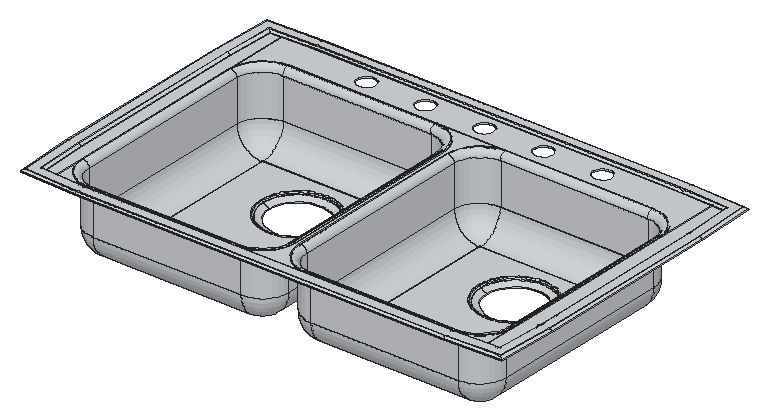
Revit family "LRAD332155", category Plumbing Fixtures, Revit 2019
Family settings
  Round Connector Dimension = Use Diameter
  Part Type = Normal
  OmniClass Number = 23.45.05.14.14
  OmniClass Title = Sinks/Lavatories
  Work Plane-Based = No
  Always vertical = Yes
  Cut with Voids When Loaded = No
  Shared = No
  Room Calculation Point = No
Parameters (values of type "LRAD3319655")
  URL = "www.elkayusa.com"
  Specification Sheet URL = "http://www.elkayusa.com/cps/rde/xbcr/elkay/01-62H_LR(Q)_LRAD(Q)_Double_Bowl.pdf"
  Sink Width = 1' - 9 1/4"  # constant formula
  Sink Material = none
  Sink Length = 2' - 9"  # constant formula
  Sink Ledge Sides Width = 0' - 2 3/8"  # constant formula
  Sink Ledge Front Width = 0' - 1 1/2"  # constant formula
  Sink Ledge Back Width = 0' - 3 3/4"  # constant formula
  Sink Depth = 0' - 5"  # constant formula
  Sink Bowl Formula = ((Sink Length - Sink Ledge Sides Width - Sink Ledge Sides Width - Partition Width) / 2)  # 1' - 1 1/2"
  Partition Width = 0' - 1 1/4"  # constant formula
  Model = "LR3321"
  Minimum Cabinet Width = "36\""
  Manufacturer = "Elkay Manufacturing"
  Installation Sheet URL = "http://www.elkayusa.com/cps/rde/xbcr/elkay/74180147.pdf"
  Hole 5 Top = 0' - 2"
  Hole 4 Top = 0' - 2"
  Hole 3 Top = 0' - 2"
  Hole 2 Top = 0' - 2"
  Hole 1 to 6 = 1' - 6"
  Hole 1 to 8 = 2' - 0"
  Hole 1 to 7 = 1' - 9"
  Hole 1 to 5 = 1' - 4"
  Hole 1 to 4 = 1' - 0"
  Hole 1 to 3 = 0' - 8"
  Hole 1 to 2 = 0' - 4"
  Hole 1 from CL = 0' - 8"
  Hole 1 Top = 0' - 2"
  Faucet Hole CL = 0' - 2 1/8"  # constant formula
  Drain Location = 0' - 5"  # constant formula
  Description = "Lustertone Double Bowl Sink"
  Deep Specification Sheet URL = "http://www.elkayusa.com/cps/rde/xbcr/elkay/01-19G_DLR(Q)_Double_Bowl.pdf"
  Custom Bowl = no
  Custom Bowl Length = ((Sink Length - Sink Ledge Sides Width - Sink Ledge Sides Width - Partition Width) / 2) - CL Sink to CL Partition  # 1' - 1 1/2"
  CL Sink to CL Partition = 0' - 0"
  Bowl Length = ((Sink Length - Sink Ledge Sides Width - Sink Ledge Sides Width - Partition Width) / 2)  # 1' - 1 1/2"
  Left Bowl Length = if(Custom Bowl, Custom Bowl Length, Sink Bowl Formula)  # 1' - 1 1/2"
  2D Hole 5 = Hole 5 Top = 0' 2"  # yes
  2D Hole 4 = Hole 4 Top = 0' 2"  # yes
  2D Hole 3 = Hole 3 Top = 0' 2"  # yes
  2D Hole 2 = Hole 2 Top = 0' 2"  # yes
  2D Hole 1 = Hole 1 Top = 0' 2"  # yes
Types (6): name | Hole 5 Top | Hole 4 Top | Hole 3 Top | Hole 2 Top | Hole 1 to 5 | Hole 1 from CL | 2D Hole 5 | 2D Hole 4 | 2D Hole 3 | 2D Hole 2
  LRAD3319655 | 0' - 2" | 0' - 2" | 0' - 2" | 0' - 2" | 1' - 4" | 0' - 8" | yes | yes | yes | yes
  LRAD3319654 | 0' - 1 1/2" | 0' - 2" | 0' - 2" | 0' - 2" | 1' - 3" | 0' - 4" | no | yes | yes | yes
  LRAD3319653 | 0' - 1 1/2" | 0' - 1 1/2" | 0' - 2" | 0' - 2" | 1' - 3" | 0' - 4" | no | no | yes | yes
  LRAD331965MR2 | 0' - 1 1/2" | 0' - 1 1/2" | 0' - 1 1/2" | 0' - 2" | 1' - 3" | 0' - 0" | no | no | no | yes
  LRAD3319652 | 0' - 1 1/2" | 0' - 1 1/2" | 0' - 1 1/2" | 0' - 2" | 1' - 3" | 0' - 2" | no | no | no | yes
  LRAD3319651 | 0' - 1 1/2" | 0' - 1 1/2" | 0' - 1 1/2" | 0' - 1 1/2" | 1' - 3" | 0' - 0" | no | no | no | no
Reference planes (in)
  plane 1 "CL Sink Hole": y = 3
  plane 2 "Rim Top Outside Corner": z = 0.0015695
  plane 3 "Center (Left/Right)": x = 0
  plane 4 "Basin Edge Left": x = -14.125
  plane 5 "Basin Edge Right": x = 14.125
  plane 6 "Basin Edge Back": y = 8
  plane 7 "Basin Edge Front": y = -8
  plane 8 "Left": x = -16.5
  plane 9 "Right": x = 16.5
  plane 10 "Back": y = 11.75
  plane 11 "Front": y = -9.5
  plane 12 "Sink Angle Back Corner": y = 11.5792275
  plane 13 "Sink Angle Right Corner": x = 16.3267866
  plane 14 "Sink Angle Right": x = 12.5172067
  plane 15 "Sink Angle Back": y = 7.4648437
  plane 16 "Sink Angle Left": x = -12.515625
  plane 17 "Sink Angle Left Corner": x = -16.328125
  plane 18 "Sink Angle Front Corner": y = -9.328125
  plane 19 "Sink Angle Front": y = -5.2148438
  plane 20 "Sink Top Face Back Edge": y = 10.7219509
  plane 21 "Sink Top Face Front Edge": y = -8.4726563
  plane 22 "Sink Top Face Right Edge": x = 14.5976563
  plane 23 "Sink Top Face Left Edge": x = -14.5976562
  plane 24 "Sink Bowl Bottom (Top Face)": z = -4.8945312
  plane 25 "Faucet CL": y = 9.625
  plane 26 "Sink Top Piece Top Face": z = -0.0194305
  plane 27 "Sink Top Piece Bottom Face": z = -0.0819305
  plane 28 "Left Sink Bottom Piece Right Edge": x = -2.3125
  plane 29 "Top Void for Radius Back Edge": y = 5.5
  plane 30 "back ledge void radius": y = 8.4921875
  plane 31 "front ledge void radius": y = -8.4921875
  plane 32 "Top Radius Corner Prot": z = -0.4405305
  plane 33: z = -3.2070312
  plane 34 "Sink Bowl Bottom (Bottom Face)": z = -4.9570312
  plane 35 "Left Sink Bottom Piece Left Edge": x = -12.4375
  plane 36 "Sink Bottom Piece Right Edge": x = 12.4375
  plane 37 "Sink Bottom Piece Back Edge": y = 6.3125
  plane 38 "Sink Bottom Piece Front Edge": y = -6.3125
  plane 39 "Top Void for Radius Front Edge": y = -5
  plane 40 "Sink Top Locked Edge Right": x = 15.5625
  plane 41 "Sink Top Locked Edge Left": x = -15.5625
  plane 42 "Hole 1": x = -8
  plane 43 "Hole 2": x = -4
  plane 44 "Hole 3": x = 0
  plane 45 "Hole 4": x = 4
  plane 46 "Hole 5": x = 8
  plane 47 "Faucet Hole Void Bottoms": z = -1.9984305
  plane 48 "Hole 1 Top": z = 0.0015695
  plane 49 "Hole 2 Top": z = 0.0015695
  plane 50 "Hole 3 Top": z = 0.0015695
  plane 51 "Hole 4 Top": z = 0.0015695
  plane 52 "Hole 5 Top": z = 0.0015695
  plane 53 "Top": z = 0.1054687
  plane 54 "Insertion Plan for Sink - Bottom Outside Corner of Rim": z = -0.0524008
  plane 55 "Center (Front/Back)": y = 0
  plane 56 "CL PARTITION": x = 0
  plane 57 "LEFT BOWL RIGHT EDGE": x = -0.625
  plane 58 "RIGHT BOWL LEFT EDGE": x = 0.625
  plane 59 "Sink Bottom Piece Left Edge": x = 2.3125
  plane 60 "Left Bowl CL Drain": x = -7.375
  plane 61 "Right Bowl CL Drain": x = 7.375
  plane 62 "Left Partition Left Edge": x = -0.1328125
  plane 63 "Left Partition Right Edge": x = 0.1328125
Forms (in)
  Sweep 1, solid, material <- "Sink Material"
    path origin (0, 0, 0) x (1, 0, 0) y (0, 1, 0)
      loop
        line (12.5172067, 11.75) -> (-12.515625, 11.75) -> (-16.328125, 11.5792275) -> (-16.5, 7.4648437) -> (-16.5, -5.2148438) -> (-16.328125, -9.328125) -> (-12.515625, -9.5) -> (12.5172067, -9.5) -> (16.3267866, -9.328125) -> (16.5, -5.2148438) -> (16.5, 7.4648437) -> (16.3267866, 11.5792275) -> (12.5172067, 11.75)
    profile "profile-elkay-sink-rim-1 : profile-elkay-sink-rim-1" origin (0.0007909, 11.75, 0) x (0, -1, 0) y (0, 0, 1)
      loop
        line (0, 0) -> (0, -0.0524008) -> (0.2039181, 0.0577989) -> (0.8052651, 0.0577989) -> (1.0074493, -0.0709913) -> (1.0074493, -0.0163327) -> (0.841093, 0.0896347)
        arc (0.841093, 0.0896347) -> (0.8176388, 0.1002604) -> (0.7921483, 0.1038992) r 0.091102
        line (0.7921483, 0.1038992) -> (0.2153023, 0.1038992)
        arc (0.2153023, 0.1038992) -> (0.1929626, 0.1011179) -> (0.1719868, 0.0929438) r 0.0911081
        line (0.1719868, 0.0929438) -> (0, 0)
  Extrusion 2, solid, material <- "Sink Material"
    sketch origin (0, 0, 0) x (1, 0, 0) y (0, 1, 0)
      loop
        line (-14.5976562, 10.7219509) -> (-14.5976562, 5.5) -> (14.5976563, 5.5) -> (14.5976563, 10.7219509) -> (-14.5976562, 10.7219509)
    from -0.0819305 to -0.0194305
  Extrusion 3, void
    sketch origin (0, 0, 0) x (1, 0, 0) y (0, 1, 0)
      loop
        line (14.5976563, 5.5) -> (14.5976563, 6.1441505)
        arc (14.5976563, 6.1441505) -> (13.9099321, 7.8044634) -> (12.2496193, 8.4921875) r 2.348037
        line (12.2496193, 8.4921875) -> (-12.25, 8.4921875)
        arc (-12.25, 8.4921875) -> (-13.9100437, 7.8045749) -> (-14.5976562, 6.1445312) r 2.3476562
        line (-14.5976562, 6.1445312) -> (-14.5976562, 5.5) -> (14.5976563, 5.5)
    from -0.7469965 to 0.495879
  Extrusion 4, solid, material <- "Sink Material"
    sketch origin (0, 0, 0) x (1, 0, 0) y (0, 1, 0)
      loop
        line (-14.5976562, -5.2148438) -> (-14.5976562, -8.4726563) -> (14.5976563, -8.4726563) -> (14.5976563, -5.2148438) -> (-14.5976562, -5.2148438)
    from -0.0819305 to -0.0194305
  Extrusion 5, void
    sketch origin (0, 0, 0) x (1, 0, 0) y (0, 1, 0)
      loop
        line (-14.5976562, -5) -> (-14.5976562, -6.2107599)
        arc (-14.5976562, -6.2107599) -> (-13.9294416, -7.8239728) -> (-12.3162287, -8.4921875) r 2.2814276
        line (-12.3162287, -8.4921875) -> (12.3164063, -8.4921875)
        arc (12.3164063, -8.4921875) -> (13.9294936, -7.8240248) -> (14.5976562, -6.2109375) r 2.28125
        line (14.5976562, -6.2109375) -> (14.5976563, -5) -> (-14.5976562, -5)
    from -1.9984305 to 0.6466859
  Extrusion 6, solid, material <- "Sink Material"
    sketch origin (0, 0, 0) x (1, 0, 0) y (0, 1, 0)
      loop
        line (-15.5625, 10.7219509) -> (-15.5625, -8.4726563) -> (-14.5976562, -8.4726563) -> (-14.5976562, 10.7219509) -> (-15.5625, 10.7219509)
    from -0.0819305 to -0.0194305
  Extrusion 7, solid, material <- "Sink Material"
    sketch origin (0, 0, 0) x (1, 0, 0) y (0, 1, 0)
      loop
        line (14.5976563, 10.7219509) -> (14.5976563, -8.4726563) -> (15.5625, -8.4726563) -> (15.5625, 10.7219509) -> (14.5976563, 10.7219509)
    from -0.0819305 to -0.0194305
  Sweep 8, solid, material <- "Sink Material"
    path origin (-14.75, 0, -0.0194305) x (-1, 0, 0) y (0, -1, 0)
      loop
        line (-12.375, -8) -> (-2.375, -8)
        arc (-2.375, -8) -> (-1.1375631, -7.4874369) -> (-0.625, -6.25) r 1.75
        line (-0.625, -6.25) -> (-0.625, 6.25)
        arc (-0.625, 6.25) -> (-1.1375631, 7.4874369) -> (-2.375, 8) r 1.75
        line (-2.375, 8) -> (-12.375, 8)
        arc (-12.375, 8) -> (-13.6124369, 7.4874369) -> (-14.125, 6.25) r 1.75
        line (-14.125, 6.25) -> (-14.125, -6.25)
        arc (-14.125, -6.25) -> (-13.6124369, -7.4874369) -> (-12.375, -8) r 1.75
    profile "profile-elkay-sink-top corner : profile-elkay-sink-top corner" origin (-7.375, 8, -0.0194305) x (0, -1, 0) y (0, 0, 1)
      loop
        line (-0.4204811, 0) -> (-0.4921875, 0) -> (-0.4921875, -0.0461) -> (-0.4204811, -0.0461)
        arc (-0.4204811, -0.0461) -> (-0.1553161, -0.155935) -> (-0.0454811, -0.4211) r 0.375
        line (-0.0454811, -0.4211) -> (0.0006189, -0.4211)
        arc (0.0006189, -0.4211) -> (-0.1227185, -0.1233373) -> (-0.4204811, 0) r 0.4211
  Sweep 9, solid, material <- "Sink Material"
    path origin (-14.75, 0, -4.8945312) x (-1, 0, 0) y (0, -1, 0)
      loop
        line (-0.625, -6.25) -> (-0.625, 6.25)
        arc (-0.625, 6.25) -> (-1.1375631, 7.4874369) -> (-2.375, 8) r 1.75
        line (-2.375, 8) -> (-12.375, 8)
        arc (-12.375, 8) -> (-13.6124369, 7.4874369) -> (-14.125, 6.25) r 1.75
        line (-14.125, 6.25) -> (-14.125, -6.25)
        arc (-14.125, -6.25) -> (-13.6124369, -7.4874369) -> (-12.375, -8) r 1.75
        line (-12.375, -8) -> (-2.375, -8)
        arc (-2.375, -8) -> (-1.1375631, -7.4874369) -> (-0.625, -6.25) r 1.75
    profile "profile-elkay-sink-btm-crnr_1-6875 : profile-elkay-sink-btm-crnr_1-6875" origin (-14.125, 0, -4.8945312) x (1, 0, 0) y (0, 0, 1)
      loop
        line (1.6875, -0.0625) -> (1.6875, 0)
        arc (1.6875, 0) -> (0.4942573, 0.4942573) -> (0, 1.6875) r 1.6875
        line (0, 1.6875) -> (-0.0625, 1.6875)
        arc (-0.0625, 1.6875) -> (0.4500631, 0.4500631) -> (1.6875, -0.0625) r 1.75
  Extrusion 10, solid, material <- "Sink Material"
    sketch origin (0, 0, 0) x (1, 0, 0) y (0, 1, 0)
      loop
        line (-12.4375, 6.3125) -> (-12.4375, -6.3125) -> (-2.3125, -6.3125) -> (-2.3125, 6.3125) -> (-12.4375, 6.3125)
    from -4.9570312 to -4.8945312
  Extrusion 11, solid, material <- "Sink Material"
    sketch origin (-14.75, 0, 0) x (1, 0, 0) y (0, 1, 0)
      loop
        arc (2.375, 8) -> (1.1375631, 7.4874369) -> (0.625, 6.25) r 1.75
        line (0.625, 6.25) -> (0.625, -6.25)
        arc (0.625, -6.25) -> (1.1375631, -7.4874369) -> (2.375, -8) r 1.75
        line (2.375, -8) -> (12.375, -8)
        arc (12.375, -8) -> (13.6124369, -7.4874369) -> (14.125, -6.25) r 1.75
        line (14.125, -6.25) -> (14.125, 6.25)
        arc (14.125, 6.25) -> (13.6124369, 7.4874369) -> (12.375, 8) r 1.75
        line (12.375, 8) -> (2.375, 8)
      loop
        arc (2.375, 8.0625) -> (1.093369, 7.531631) -> (0.5625, 6.25) r 1.8125
        line (0.5625, 6.25) -> (0.5625, -6.25)
        arc (0.5625, -6.25) -> (1.093369, -7.531631) -> (2.375, -8.0625) r 1.8125
        line (2.375, -8.0625) -> (12.375, -8.0625)
        arc (12.375, -8.0625) -> (13.656631, -7.531631) -> (14.1875, -6.25) r 1.8125
        line (14.1875, -6.25) -> (14.1875, 6.25)
        arc (14.1875, 6.25) -> (13.656631, 7.531631) -> (12.375, 8.0625) r 1.8125
        line (12.375, 8.0625) -> (2.375, 8.0625)
    from -3.2070312 to -0.4405305
  Extrusion 12, void
    sketch origin (0, 0, 0) x (1, 0, 0) y (0, 1, 0)
      loop
        circle (-7.375, 3) r 2.5
    from -4.9570312 to -3.8320313
  Sweep 13, solid, material <- "Sink Material"
    path origin (-14.75, 0, -4.8945312) x (-1, 0, 0) y (0, -1, 0)
      loop
        circle (-7.375, -3) r 2.501635
    profile "profile-elkay-sink-hole-1 : profile-elkay-sink-hole-1" origin (-7.375, 0.498365, -4.8945312) x (0, 1, 0) y (0, 0, 1)
      loop
        line (0.5785343, -0.3269365) -> (0.1564602, -0.1343744)
        arc (0.1564602, -0.1343744) -> (0.1424945, -0.125589) -> (0.1313144, -0.1134552) r 0.0625
        line (0.1313144, -0.1134552) -> (0.0881719, -0.0522605)
        arc (0.0881719, -0.0522605) -> (0.0506391, -0.015074) -> (0, 0) r 0.1086
        line (0, 0) -> (0, -0.0461763)
        arc (0, -0.0461763) -> (0.0262058, -0.0541921) -> (0.0464633, -0.0726482) r 0.0625
        line (0.0464633, -0.0726482) -> (0.093406, -0.1396891)
        arc (0.093406, -0.1396891) -> (0.1129384, -0.1609677) -> (0.1373891, -0.176345) r 0.1086
        line (0.1373891, -0.176345) -> (0.5785343, -0.3776079) -> (0.5785343, -0.3269365)
  Sweep 14, solid, material <- "Sink Material"
    path origin (14.75, 0, -0.0194305) x (-1, 0, 0) y (0, -1, 0)
      loop
        line (2.375, -8) -> (12.375, -8)
        arc (12.375, -8) -> (13.6124369, -7.4874369) -> (14.125, -6.25) r 1.75
        line (14.125, -6.25) -> (14.125, 6.25)
        arc (14.125, 6.25) -> (13.6124369, 7.4874369) -> (12.375, 8) r 1.75
        line (12.375, 8) -> (2.375, 8)
        arc (2.375, 8) -> (1.1375631, 7.4874369) -> (0.625, 6.25) r 1.75
        line (0.625, 6.25) -> (0.625, -6.25)
        arc (0.625, -6.25) -> (1.1375631, -7.4874369) -> (2.375, -8) r 1.75
    profile "profile-elkay-sink-top corner : profile-elkay-sink-top corner" origin (7.375, 8, -0.0194305) x (0, -1, 0) y (0, 0, 1)
      loop
        line (-0.4204811, 0) -> (-0.4921875, 0) -> (-0.4921875, -0.0461) -> (-0.4204811, -0.0461)
        arc (-0.4204811, -0.0461) -> (-0.1553161, -0.155935) -> (-0.0454811, -0.4211) r 0.375
        line (-0.0454811, -0.4211) -> (0.0006189, -0.4211)
        arc (0.0006189, -0.4211) -> (-0.1227185, -0.1233373) -> (-0.4204811, 0) r 0.4211
  Sweep 15, solid, material <- "Sink Material"
    path origin (14.75, 0, -4.8945312) x (-1, 0, 0) y (0, -1, 0)
      loop
        line (14.125, -6.25) -> (14.125, 6.25)
        arc (14.125, 6.25) -> (13.6124369, 7.4874369) -> (12.375, 8) r 1.75
        line (12.375, 8) -> (2.375, 8)
        arc (2.375, 8) -> (1.1375631, 7.4874369) -> (0.625, 6.25) r 1.75
        line (0.625, 6.25) -> (0.625, -6.25)
        arc (0.625, -6.25) -> (1.1375631, -7.4874369) -> (2.375, -8) r 1.75
        line (2.375, -8) -> (12.375, -8)
        arc (12.375, -8) -> (13.6124369, -7.4874369) -> (14.125, -6.25) r 1.75
    profile "profile-elkay-sink-btm-crnr_1-6875 : profile-elkay-sink-btm-crnr_1-6875" origin (0.625, 0, -4.8945312) x (1, 0, 0) y (0, 0, 1)
      loop
        line (1.6875, -0.0625) -> (1.6875, 0)
        arc (1.6875, 0) -> (0.4942573, 0.4942573) -> (0, 1.6875) r 1.6875
        line (0, 1.6875) -> (-0.0625, 1.6875)
        arc (-0.0625, 1.6875) -> (0.4500631, 0.4500631) -> (1.6875, -0.0625) r 1.75
  Extrusion 16, solid, material <- "Sink Material"
    sketch origin (14.75, 0, 0) x (1, 0, 0) y (0, 1, 0)
      loop
        arc (-12.375, 8) -> (-13.6124369, 7.4874369) -> (-14.125, 6.25) r 1.75
        line (-14.125, 6.25) -> (-14.125, -6.25)
        arc (-14.125, -6.25) -> (-13.6124369, -7.4874369) -> (-12.375, -8) r 1.75
        line (-12.375, -8) -> (-2.375, -8)
        arc (-2.375, -8) -> (-1.1375631, -7.4874369) -> (-0.625, -6.25) r 1.75
        line (-0.625, -6.25) -> (-0.625, 6.25)
        arc (-0.625, 6.25) -> (-1.1375631, 7.4874369) -> (-2.375, 8) r 1.75
        line (-2.375, 8) -> (-12.375, 8)
      loop
        arc (-12.375, 8.0625) -> (-13.656631, 7.531631) -> (-14.1875, 6.25) r 1.8125
        line (-14.1875, 6.25) -> (-14.1875, -6.25)
        arc (-14.1875, -6.25) -> (-13.656631, -7.531631) -> (-12.375, -8.0625) r 1.8125
        line (-12.375, -8.0625) -> (-2.375, -8.0625)
        arc (-2.375, -8.0625) -> (-1.093369, -7.531631) -> (-0.5625, -6.25) r 1.8125
        line (-0.5625, -6.25) -> (-0.5625, 6.25)
        arc (-0.5625, 6.25) -> (-1.093369, 7.531631) -> (-2.375, 8.0625) r 1.8125
        line (-2.375, 8.0625) -> (-12.375, 8.0625)
    from -3.2070312 to -0.4405305
  Extrusion 17, solid, material <- "Sink Material"
    sketch origin (0, 0, 0) x (1, 0, 0) y (0, 1, 0)
      loop
        line (2.3125, 6.3125) -> (2.3125, -6.3125) -> (12.4375, -6.3125) -> (12.4375, 6.3125) -> (2.3125, 6.3125)
    from -4.9570312 to -4.8945312
  Extrusion 18, void
    sketch origin (0, 0, 0) x (1, 0, 0) y (0, 1, 0)
      loop
        circle (7.375, 3) r 2.5
    from -4.9570312 to -3.2070312
  Sweep 19, solid, material <- "Sink Material"
    path origin (14.75, 0, -4.8945312) x (-1, 0, 0) y (0, -1, 0)
      loop
        circle (7.375, -3) r 2.501635
    profile "profile-elkay-sink-hole-1 : profile-elkay-sink-hole-1" origin (7.375, 0.498365, -4.8945312) x (0, 1, 0) y (0, 0, 1)
      loop
        line (0.5785343, -0.3269365) -> (0.1564602, -0.1343744)
        arc (0.1564602, -0.1343744) -> (0.1424945, -0.125589) -> (0.1313144, -0.1134552) r 0.0625
        line (0.1313144, -0.1134552) -> (0.0881719, -0.0522605)
        arc (0.0881719, -0.0522605) -> (0.0506391, -0.015074) -> (0, 0) r 0.1086
        line (0, 0) -> (0, -0.0461763)
        arc (0, -0.0461763) -> (0.0262058, -0.0541921) -> (0.0464633, -0.0726482) r 0.0625
        line (0.0464633, -0.0726482) -> (0.093406, -0.1396891)
        arc (0.093406, -0.1396891) -> (0.1129384, -0.1609677) -> (0.1373891, -0.176345) r 0.1086
        line (0.1373891, -0.176345) -> (0.5785343, -0.3776079) -> (0.5785343, -0.3269365)
  Extrusion 20, void
    sketch origin (0, 0, 0) x (1, 0, 0) y (0, 1, 0)
      loop
        circle (-8, 9.625) r 0.625
    from -1.9984305 to 0.0015695
  Extrusion 21, void
    sketch origin (0, 0, 0) x (1, 0, 0) y (0, 1, 0)
      loop
        circle (-4, 9.625) r 0.625
    from -1.9984305 to 0.0015695
  Extrusion 22, void
    sketch origin (0, 0, 0) x (1, 0, 0) y (0, 1, 0)
      loop
        circle (0, 9.625) r 0.625
    from -1.9984305 to 0.0015695
  Extrusion 23, void
    sketch origin (0, 0, 0) x (1, 0, 0) y (0, 1, 0)
      loop
        circle (4, 9.625) r 0.625
    from -1.9984305 to 0.0015695
  Extrusion 24, void
    sketch origin (0, 0, 0) x (1, 0, 0) y (0, 1, 0)
      loop
        circle (8, 9.625) r 0.625
    from -1.9984305 to 0.0015695
  Extrusion 25, solid, material <- "Sink Material"
    sketch origin (0, 0, 0) x (1, 0, 0) y (0, 1, 0)
      loop
        arc (-2.375, 8.4921875) -> (-0.789534, 7.835466) -> (-0.1328125, 6.25) r 2.2421875
        line (-0.1328125, 6.25) -> (-0.1328125, -6.25)
        arc (-0.1328125, -6.25) -> (-0.789534, -7.835466) -> (-2.375, -8.4921875) r 2.2421875
        line (-2.375, -8.4921875) -> (2.375, -8.4921875)
        arc (2.375, -8.4921875) -> (0.789534, -7.835466) -> (0.1328125, -6.25) r 2.2421875
        line (0.1328125, -6.25) -> (0.1328125, 6.25)
        arc (0.1328125, 6.25) -> (0.789534, 7.835466) -> (2.375, 8.4921875) r 2.2421875
        line (2.375, 8.4921875) -> (-2.375, 8.4921875)
    from -0.0819305 to -0.0194305
Cuts and joins
  Extrusion 3, Extrusion 12, Extrusion 18, Extrusion 20, Extrusion 21, Extrusion 22, Extrusion 23, Extrusion 24 cuts Sweep 1
  Extrusion 3, Extrusion 20, Extrusion 21, Extrusion 22, Extrusion 23, Extrusion 24 cuts Extrusion 2
  Extrusion 5 cuts Extrusion 4
  Extrusion 12 cuts Extrusion 10
  Extrusion 18 cuts Extrusion 17
Lines and regions (in)
  reference lines
    curve 1: line (12.5172067, 11.75, 0) -> (16.3267866, 11.5792275, 0)
    curve 2: line (16.3267866, 11.5792275, 0) -> (16.5, 7.4648437, 0)
    curve 3: line (-12.515625, 11.75, 0) -> (-16.328125, 11.5792275, 0)
    curve 4: line (-16.328125, 11.5792275, 0) -> (-16.5, 7.4648437, 0)
    curve 5: line (-16.5, -5.2148438, 0) -> (-16.328125, -9.328125, 0)
    curve 6: line (-16.328125, -9.328125, 0) -> (-12.515625, -9.5, 0)
    curve 7: line (16.5, -5.2148438, 0) -> (16.3267866, -9.328125, 0)
    curve 8: line (16.3267866, -9.328125, 0) -> (12.5172067, -9.5, 0)
Dimensions and locks (in)
  "Sink Ledge Sides Width": plane 8 "Left" to plane 4 "Basin Edge Left"
  "Sink Ledge Sides Width": plane 5 "Basin Edge Right" to plane 9 "Right"
  "Sink Length": plane 8 "Left" to plane 9 "Right"
  "Drain Location": plane 6 "Basin Edge Back" to plane 1 "CL Sink Hole"
  "Sink Ledge Back Width": plane 10 "Back" to plane 6 "Basin Edge Back"
  "Sink Ledge Front Width": plane 7 "Basin Edge Front" to plane 11 "Front"
  locked: plane 13 "Sink Angle Right Corner" to plane 9 "Right" at 0.1732134
  locked: plane 10 "Back" to plane 12 "Sink Angle Back Corner" at 0.1707725
  locked: plane 14 "Sink Angle Right" to plane 9 "Right" at 3.9827933
  locked: plane 10 "Back" to plane 15 "Sink Angle Back" at 4.2851562
  locked: plane 8 "Left" to plane 17 "Sink Angle Left Corner" at 0.171875
  locked: plane 8 "Left" to plane 16 "Sink Angle Left" at 3.984375
  locked: plane 18 "Sink Angle Front Corner" to plane 11 "Front" at 0.171875
  locked: plane 19 "Sink Angle Front" to plane 11 "Front" at 4.2851562
  "Sink Width": plane 10 "Back" to plane 11 "Front"
  locked: plane 10 "Back" to plane 20 "Sink Top Face Back Edge" at 1.0280491
  locked: plane 21 "Sink Top Face Front Edge" to plane 11 "Front" at 1.0273438
  locked: plane 23 "Sink Top Face Left Edge" to plane 4 "Basin Edge Left" at 0.4726562
  "Sink Depth": plane 53 "Top" to plane 24 "Sink Bowl Bottom (Top Face)"
  "Faucet Hole CL": plane 10 "Back" to plane 25 "Faucet CL"
  locked: plane 2 "Rim Top Outside Corner" to plane 26 "Sink Top Piece Top Face" at 0.021
  locked: plane 26 "Sink Top Piece Top Face" to plane 27 "Sink Top Piece Bottom Face" at 0.0625
  locked: plane 6 "Basin Edge Back" to plane 29 "Top Void for Radius Back Edge" at 2.5
  locked: plane 30 "back ledge void radius" to plane 29 "Top Void for Radius Back Edge" at 2.9921875
  locked: plane 39 "Top Void for Radius Front Edge" to plane 31 "front ledge void radius" at 3.4921875
  locked: plane 2 "Rim Top Outside Corner" to plane 32 "Top Radius Corner Prot" at 0.4421
  locked: plane 33 to plane 24 "Sink Bowl Bottom (Top Face)" at 1.6875
  locked: plane 24 "Sink Bowl Bottom (Top Face)" to plane 34 "Sink Bowl Bottom (Bottom Face)" at 0.0625
  locked: plane 38 "Sink Bottom Piece Front Edge" to plane 7 "Basin Edge Front" at 1.6875
  locked: plane 4 "Basin Edge Left" to plane 35 "Left Sink Bottom Piece Left Edge" at 1.6875
  locked: plane 36 "Sink Bottom Piece Right Edge" to plane 5 "Basin Edge Right" at 1.6875
  locked: plane 6 "Basin Edge Back" to plane 37 "Sink Bottom Piece Back Edge" at 1.6875
  locked: plane 39 "Top Void for Radius Front Edge" to plane 7 "Basin Edge Front" at 3
  locked: plane 5 "Basin Edge Right" to plane 22 "Sink Top Face Right Edge" at 0.4726562
  locked: Extrusion 3 sketch curve to plane 5 "Basin Edge Right" at 1.8753807
  locked: plane 6 "Basin Edge Back" to Extrusion 3 sketch curve at 1.8558495
  locked: plane 4 "Basin Edge Left" to Extrusion 3 sketch curve at 1.875
  locked: plane 6 "Basin Edge Back" to Extrusion 3 sketch curve at 1.8554688
  locked: plane 4 "Basin Edge Left" to Extrusion 5 sketch curve at 1.8087713
  locked: Extrusion 5 sketch curve to plane 5 "Basin Edge Right" at 1.8085938
  locked: Extrusion 5 sketch curve to plane 7 "Basin Edge Front" at 1.7892401
  locked: Extrusion 5 sketch curve to plane 7 "Basin Edge Front" at 1.7890625
  locked: plane 40 "Sink Top Locked Edge Right" to plane 9 "Right" at 0.9375
  locked: plane 8 "Left" to plane 41 "Sink Top Locked Edge Left" at 0.9375
  "Hole 1 from CL": plane 42 "Hole 1" to plane 3 "Center (Left/Right)"
  "Hole 1 to 2": plane 42 "Hole 1" to plane 43 "Hole 2"
  "Hole 1 to 3": plane 42 "Hole 1" to plane 44 "Hole 3"
  "Hole 1 to 4": plane 42 "Hole 1" to plane 45 "Hole 4"
  "Hole 1 to 5": plane 42 "Hole 1" to plane 46 "Hole 5"
  locked: plane 2 "Rim Top Outside Corner" to plane 47 "Faucet Hole Void Bottoms" at 2
  "Hole 1 Top": plane 48 "Hole 1 Top" to plane 47 "Faucet Hole Void Bottoms"
  "Hole 2 Top": plane 49 "Hole 2 Top" to plane 47 "Faucet Hole Void Bottoms"
  "Hole 3 Top": plane 50 "Hole 3 Top" to plane 47 "Faucet Hole Void Bottoms"
  "Hole 4 Top": plane 51 "Hole 4 Top" to plane 47 "Faucet Hole Void Bottoms"
  "Hole 5 Top": plane 52 "Hole 5 Top" to plane 47 "Faucet Hole Void Bottoms"
  locked: plane 53 "Top" to plane 2 "Rim Top Outside Corner" at 0.1038992
  locked: plane 53 "Top" to plane 54 "Insertion Plan for Sink - Bottom Outside Corner of Rim" at 0.1578695
  equal spacing: plane 6 "Basin Edge Back", plane 55 "Center (Front/Back)", plane 7 "Basin Edge Front"
  locked: plane 28 "Left Sink Bottom Piece Right Edge" to plane 57 "LEFT BOWL RIGHT EDGE" at 1.6875
  locked: plane 58 "RIGHT BOWL LEFT EDGE" to plane 59 "Sink Bottom Piece Left Edge" at 1.6875
  locked: plane 6 "Basin Edge Back" to Sweep 8 sketch curve at 1.75  (x2)
  locked: plane 4 "Basin Edge Left" to Sweep 8 sketch curve at 1.75  (x2)
  locked: Sweep 8 sketch curve to plane 57 "LEFT BOWL RIGHT EDGE" at 1.75  (x2)
  locked: Sweep 8 sketch curve to plane 7 "Basin Edge Front" at 1.75  (x2)
  equal spacing: plane 8 "Left", plane 3 "Center (Left/Right)", plane 9 "Right"
  equal spacing: plane 4 "Basin Edge Left", plane 60 "Left Bowl CL Drain", plane 57 "LEFT BOWL RIGHT EDGE"
  equal spacing: plane 58 "RIGHT BOWL LEFT EDGE", plane 61 "Right Bowl CL Drain", plane 5 "Basin Edge Right"
  locked: plane 4 "Basin Edge Left" to Sweep 9 sketch curve at 1.75  (x2)
  locked: Sweep 9 sketch curve to plane 57 "LEFT BOWL RIGHT EDGE" at 1.75  (x2)
  locked: plane 6 "Basin Edge Back" to Sweep 9 sketch curve at 1.75  (x2)
  locked: Sweep 9 sketch curve to plane 7 "Basin Edge Front" at 1.75  (x2)
  locked: plane 6 "Basin Edge Back" to Extrusion 11 sketch curve at 1.75  (x2)
  locked: plane 4 "Basin Edge Left" to Extrusion 11 sketch curve at 1.75  (x2)
  locked: Extrusion 11 sketch curve to plane 57 "LEFT BOWL RIGHT EDGE" at 1.75  (x2)
  locked: Extrusion 11 sketch curve to plane 7 "Basin Edge Front" at 1.75  (x2)
  locked: plane 58 "RIGHT BOWL LEFT EDGE" to Sweep 14 sketch curve at 1.75  (x2)
  locked: Sweep 14 sketch curve to plane 5 "Basin Edge Right" at 1.75  (x2)
  locked: plane 6 "Basin Edge Back" to Sweep 14 sketch curve at 1.75  (x2)
  locked: Sweep 14 sketch curve to plane 7 "Basin Edge Front" at 1.75  (x2)
  locked: Sweep 15 sketch curve to plane 5 "Basin Edge Right" at 1.75  (x2)
  locked: Sweep 15 sketch curve to plane 7 "Basin Edge Front" at 1.75  (x2)
  locked: plane 58 "RIGHT BOWL LEFT EDGE" to Sweep 15 sketch curve at 1.75  (x2)
  locked: plane 6 "Basin Edge Back" to Sweep 15 sketch curve at 1.75  (x2)
  locked: plane 58 "RIGHT BOWL LEFT EDGE" to Extrusion 16 sketch curve at 1.75  (x2)
  locked: Extrusion 16 sketch curve to plane 5 "Basin Edge Right" at 1.75  (x2)
  locked: Extrusion 16 sketch curve to plane 7 "Basin Edge Front" at 1.75  (x2)
  locked: plane 6 "Basin Edge Back" to Extrusion 16 sketch curve at 1.75  (x2)
  plane 8 "Left" to plane 42 "Hole 1" = 0' - 8 1/2"
  locked: Extrusion 25 sketch curve to plane 57 "LEFT BOWL RIGHT EDGE" at 1.75  (x2)
  locked: plane 6 "Basin Edge Back" to Extrusion 25 sketch curve at 1.75  (x2)
  locked: Extrusion 25 sketch curve to plane 31 "front ledge void radius" at 2.2421875  (x2)
  plane 62 "Left Partition Left Edge" to plane 56 "CL PARTITION" to plane 63 "Left Partition Right Edge" = 0' - 0 17/128" locked, 0' - 0 17/128" locked
  "CL Sink to CL Partition": plane 56 "CL PARTITION" to plane 3 "Center (Left/Right)"
  "Partition Width": plane 57 "LEFT BOWL RIGHT EDGE" to plane 58 "RIGHT BOWL LEFT EDGE"
  equal spacing: plane 57 "LEFT BOWL RIGHT EDGE", plane 56 "CL PARTITION", plane 58 "RIGHT BOWL LEFT EDGE"
  locked: plane 58 "RIGHT BOWL LEFT EDGE" to Extrusion 25 sketch curve at 1.75  (x2)
  aligned and locked: plane 9 "Right" to Sweep 1 sketch curve
  aligned and locked: plane 10 "Back" to Sweep 1 sketch curve
  aligned and locked: Sweep 1 sketch curve to plane 8 "Left"
  aligned and locked: Sweep 1 sketch curve to plane 11 "Front"
  aligned and locked: Sweep 1 sketch curve to curve 7
  aligned and locked: Sweep 1 sketch curve to curve 8
  aligned and locked: Sweep 1 sketch curve to curve 6
  aligned and locked: Sweep 1 sketch curve to curve 5
  aligned and locked: Sweep 1 sketch curve to curve 4
  aligned and locked: Sweep 1 sketch curve to curve 3
  aligned and locked: Sweep 1 sketch curve to curve 1
  aligned and locked: Sweep 1 sketch curve to curve 2
  aligned and locked: plane 29 "Top Void for Radius Back Edge" to Extrusion 2 sketch curve
  aligned and locked: plane 23 "Sink Top Face Left Edge" to Extrusion 2 sketch curve
  aligned and locked: Extrusion 2 sketch curve to plane 22 "Sink Top Face Right Edge"
  aligned and locked: Extrusion 2 sketch curve to plane 20 "Sink Top Face Back Edge"
  aligned and locked: Extrusion 2 to plane 27 "Sink Top Piece Bottom Face"
  aligned and locked: plane 23 "Sink Top Face Left Edge" to Extrusion 3 sketch curve
  aligned and locked: Extrusion 3 sketch curve to plane 22 "Sink Top Face Right Edge"
  aligned and locked: plane 29 "Top Void for Radius Back Edge" to Extrusion 3 sketch curve
  aligned and locked: plane 26 "Sink Top Piece Top Face" to Extrusion 2
  aligned and locked: Extrusion 3 sketch curve to plane 30 "back ledge void radius"
  aligned and locked: plane 23 "Sink Top Face Left Edge" to Extrusion 4 sketch curve
  aligned and locked: Extrusion 4 sketch curve to plane 19 "Sink Angle Front"
  aligned and locked: plane 21 "Sink Top Face Front Edge" to Extrusion 4 sketch curve
  aligned and locked: Extrusion 4 sketch curve to plane 22 "Sink Top Face Right Edge"
  aligned and locked: plane 26 "Sink Top Piece Top Face" to Extrusion 4
  aligned and locked: Extrusion 4 to plane 27 "Sink Top Piece Bottom Face"
  aligned and locked: Extrusion 5 sketch curve to plane 22 "Sink Top Face Right Edge"
  aligned and locked: plane 23 "Sink Top Face Left Edge" to Extrusion 5 sketch curve
  aligned and locked: plane 31 "front ledge void radius" to Extrusion 5 sketch curve
  aligned and locked: Extrusion 5 sketch curve to plane 39 "Top Void for Radius Front Edge"
  aligned and locked: plane 41 "Sink Top Locked Edge Left" to Extrusion 6 sketch curve
  aligned and locked: Extrusion 6 sketch curve to plane 23 "Sink Top Face Left Edge"
  aligned and locked: Extrusion 6 to plane 27 "Sink Top Piece Bottom Face"
  aligned and locked: plane 26 "Sink Top Piece Top Face" to Extrusion 6
  aligned and locked: plane 20 "Sink Top Face Back Edge" to Extrusion 6
  aligned and locked: Extrusion 6 to plane 21 "Sink Top Face Front Edge"
  aligned and locked: Extrusion 7 sketch curve to plane 20 "Sink Top Face Back Edge"
  aligned and locked: plane 22 "Sink Top Face Right Edge" to Extrusion 7 sketch curve
  aligned and locked: plane 21 "Sink Top Face Front Edge" to Extrusion 7 sketch curve
  aligned and locked: plane 40 "Sink Top Locked Edge Right" to Extrusion 7 sketch curve
  aligned and locked: plane 27 "Sink Top Piece Bottom Face" to Extrusion 7
  aligned and locked: plane 26 "Sink Top Piece Top Face" to Extrusion 7
  aligned and locked: Extrusion 5 to plane 47 "Faucet Hole Void Bottoms"
  aligned and locked: Sweep 8 sketch curve to plane 4 "Basin Edge Left"
  aligned and locked: Sweep 8 sketch curve to plane 57 "LEFT BOWL RIGHT EDGE"
  aligned and locked: Sweep 9 sketch curve to plane 57 "LEFT BOWL RIGHT EDGE"
  aligned and locked: Sweep 9 sketch curve to plane 6 "Basin Edge Back"
  aligned and locked: Sweep 9 sketch curve to plane 7 "Basin Edge Front"
  aligned and locked: plane 35 "Left Sink Bottom Piece Left Edge" to Extrusion 10 sketch curve
  aligned and locked: Extrusion 10 sketch curve to plane 28 "Left Sink Bottom Piece Right Edge"
  aligned and locked: plane 38 "Sink Bottom Piece Front Edge" to Extrusion 10 sketch curve
  aligned and locked: Extrusion 10 sketch curve to plane 37 "Sink Bottom Piece Back Edge"
  aligned and locked: Extrusion 10 to plane 34 "Sink Bowl Bottom (Bottom Face)"
  aligned and locked: plane 24 "Sink Bowl Bottom (Top Face)" to Extrusion 10
  aligned and locked: plane 4 "Basin Edge Left" to Extrusion 11 sketch curve
  aligned and locked: plane 7 "Basin Edge Front" to Extrusion 11 sketch curve
  aligned and locked: Extrusion 11 sketch curve to plane 57 "LEFT BOWL RIGHT EDGE"
  aligned and locked: Extrusion 11 sketch curve to plane 6 "Basin Edge Back"
  aligned and locked: plane 32 "Top Radius Corner Prot" to Extrusion 11
  aligned and locked: Extrusion 12 to plane 34 "Sink Bowl Bottom (Bottom Face)"
  aligned and locked: Sweep 14 sketch curve to plane 7 "Basin Edge Front"
  aligned and locked: Sweep 14 sketch curve to plane 5 "Basin Edge Right"
  aligned and locked: Sweep 14 sketch curve to plane 58 "RIGHT BOWL LEFT EDGE"
  aligned and locked: Sweep 15 sketch curve to plane 58 "RIGHT BOWL LEFT EDGE"
  aligned and locked: Sweep 15 sketch curve to plane 5 "Basin Edge Right"
  aligned and locked: Sweep 15 sketch curve to plane 7 "Basin Edge Front"
  aligned and locked: plane 32 "Top Radius Corner Prot" to Extrusion 16
  aligned and locked: plane 59 "Sink Bottom Piece Left Edge" to Extrusion 17 sketch curve
  aligned and locked: Extrusion 17 sketch curve to plane 36 "Sink Bottom Piece Right Edge"
  aligned and locked: plane 38 "Sink Bottom Piece Front Edge" to Extrusion 17 sketch curve
  aligned and locked: Extrusion 17 sketch curve to plane 37 "Sink Bottom Piece Back Edge"
  aligned: Extrusion 17 to plane 24 "Sink Bowl Bottom (Top Face)"
  aligned and locked: Extrusion 17 to plane 34 "Sink Bowl Bottom (Bottom Face)"
  aligned and locked: plane 24 "Sink Bowl Bottom (Top Face)" to Extrusion 17
  aligned and locked: Extrusion 18 to plane 34 "Sink Bowl Bottom (Bottom Face)"
  aligned and locked: plane 33 to Extrusion 18
  aligned and locked: plane 58 "RIGHT BOWL LEFT EDGE" to Extrusion 16 sketch curve
  aligned and locked: Extrusion 20 to plane 47 "Faucet Hole Void Bottoms"
  aligned and locked: Extrusion 21 to plane 47 "Faucet Hole Void Bottoms"
  aligned and locked: Extrusion 22 to plane 47 "Faucet Hole Void Bottoms"
  aligned and locked: Extrusion 23 to plane 47 "Faucet Hole Void Bottoms"
  aligned and locked: Extrusion 24 to plane 47 "Faucet Hole Void Bottoms"
  aligned and locked: Extrusion 20 to plane 48 "Hole 1 Top"
  aligned and locked: Extrusion 21 to plane 49 "Hole 2 Top"
  aligned and locked: Extrusion 22 to plane 50 "Hole 3 Top"
  aligned and locked: Extrusion 23 to plane 51 "Hole 4 Top"
  aligned and locked: plane 52 "Hole 5 Top" to Extrusion 24
  aligned and locked: plane 30 "back ledge void radius" to Extrusion 25 sketch curve
  aligned and locked: plane 31 "front ledge void radius" to Extrusion 25 sketch curve
  aligned and locked: Extrusion 25 sketch curve to plane 63 "Left Partition Right Edge"
  aligned and locked: plane 62 "Left Partition Left Edge" to Extrusion 25 sketch curve
  aligned and locked: Extrusion 25 to plane 27 "Sink Top Piece Bottom Face"
  aligned and locked: plane 26 "Sink Top Piece Top Face" to Extrusion 25
  aligned and locked: Extrusion 11 to plane 33
  aligned and locked: Extrusion 16 to plane 33
Automatic sketch dimensions
  curve 4 to plane 8 "Left" = 0' - 0"
  curve 5 to plane 8 "Left" = 0' - 0"
  curve 5 to plane 17 "Sink Angle Left Corner" = 0' - 0"
  curve 4 to plane 12 "Sink Angle Back Corner" = 0' - 0"
  curve 4 to plane 17 "Sink Angle Left Corner" = 0' - 0"
  curve 3 to plane 10 "Back" = 0' - 0"
  curve 3 to plane 16 "Sink Angle Left" = 0' - 0"
  curve 6 to plane 11 "Front" = 0' - 0"
  curve 6 to plane 16 "Sink Angle Left" = 0' - 0"
  curve 1 to plane 10 "Back" = 0' - 0"
  curve 1 to plane 14 "Sink Angle Right" = 0' - 0"
  curve 8 to plane 11 "Front" = 0' - 0"
  curve 8 to plane 14 "Sink Angle Right" = 0' - 0"
  curve 1 to plane 12 "Sink Angle Back Corner" = 0' - 0"
  curve 1 to plane 13 "Sink Angle Right Corner" = 0' - 0"
  curve 8 to plane 13 "Sink Angle Right Corner" = 0' - 0"
  curve 7 to plane 9 "Right" = 0' - 0"
  curve 2 to plane 9 "Right" = 0' - 0"
  curve 5 to plane 18 "Sink Angle Front Corner" = 0' - 0"
  curve 7 to plane 18 "Sink Angle Front Corner" = 0' - 0"
  curve 7 to plane 19 "Sink Angle Front" = 0' - 0"
  curve 5 to plane 19 "Sink Angle Front" = 0' - 0"
  curve 2 to plane 15 "Sink Angle Back" = 0' - 0"
  curve 4 to plane 15 "Sink Angle Back" = 0' - 0"
  Extrusion 6 sketch curve to plane 21 "Sink Top Face Front Edge" = 0' - 0"
  Extrusion 6 sketch curve to plane 20 "Sink Top Face Back Edge" = 0' - 0"
  Extrusion 11 sketch curve to Extrusion 11 sketch curve = 0' - 0"  (x7)
  Extrusion 11 sketch curve to Extrusion 11 sketch curve = 0' - 0 1/16"
  plane 1 "CL Sink Hole" to Extrusion 12 sketch curve = 0' - 0"
  Extrusion 12 sketch curve to plane 60 "Left Bowl CL Drain" = 0' - 0"
  plane 1 "CL Sink Hole" to Sweep 13 sketch curve = 0' - 0"
  Sweep 13 sketch curve to plane 60 "Left Bowl CL Drain" = 0' - 0"
  plane 1 "CL Sink Hole" to Extrusion 18 sketch curve = 0' - 0"
  Extrusion 18 sketch curve to plane 61 "Right Bowl CL Drain" = 0' - 0"
  Sweep 19 sketch curve to plane 1 "CL Sink Hole" = 0' - 0"
  plane 61 "Right Bowl CL Drain" to Sweep 19 sketch curve = 0' - 0"
  Extrusion 16 sketch curve to Extrusion 16 sketch curve = 0' - 0"  (x7)
  Extrusion 16 sketch curve to plane 7 "Basin Edge Front" = 0' - 0 1/16"
  Extrusion 20 sketch curve to plane 25 "Faucet CL" = 0' - 0"
  Extrusion 20 sketch curve to plane 42 "Hole 1" = 0' - 0"
  Extrusion 21 sketch curve to plane 25 "Faucet CL" = 0' - 0"
  Extrusion 21 sketch curve to plane 43 "Hole 2" = 0' - 0"
  Extrusion 22 sketch curve to plane 25 "Faucet CL" = 0' - 0"
  Extrusion 22 sketch curve to plane 44 "Hole 3" = 0' - 0"
  Extrusion 23 sketch curve to plane 25 "Faucet CL" = 0' - 0"
  Extrusion 23 sketch curve to plane 45 "Hole 4" = 0' - 0"
  Extrusion 24 sketch curve to plane 25 "Faucet CL" = 0' - 0"
  Extrusion 24 sketch curve to plane 46 "Hole 5" = 0' - 0"
  Extrusion 25 sketch curve to Extrusion 25 sketch curve = 0' - 0"  (x3)
  plane 63 "Left Partition Right Edge" to Extrusion 25 sketch curve = 0' - 2 31/128"
  radius of Extrusion 12 sketch curve = 0' - 2 1/2"
  radius of Sweep 13 sketch curve = 0' - 2.50164"
  radius of Extrusion 18 sketch curve = 0' - 2 1/2"
  radius of Sweep 19 sketch curve = 0' - 2.50164"
  radius of Extrusion 20 sketch curve = 0' - 0 5/8"
  radius of Extrusion 21 sketch curve = 0' - 0 5/8"
  radius of Extrusion 22 sketch curve = 0' - 0 5/8"
  radius of Extrusion 23 sketch curve = 0' - 0 5/8"
  radius of Extrusion 24 sketch curve = 0' - 0 5/8"
